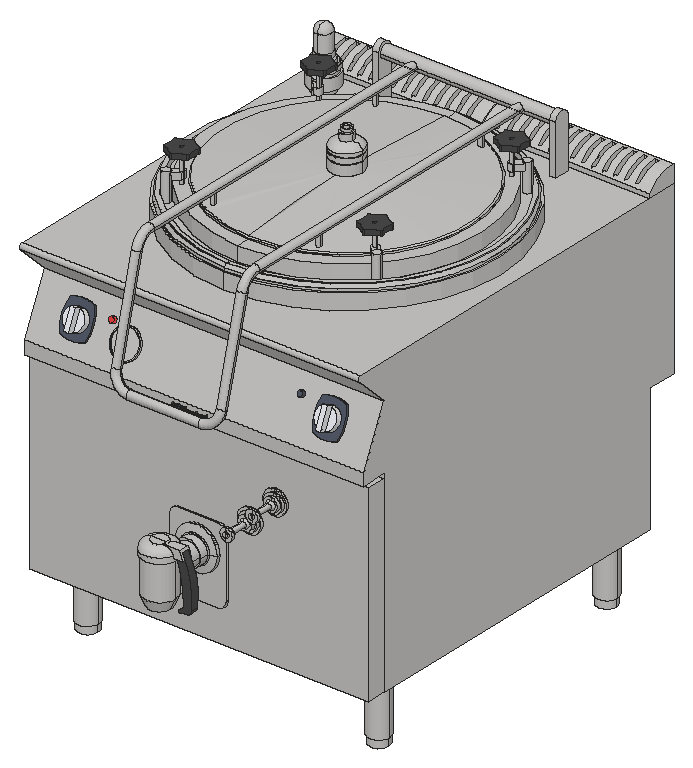
Revit family "QF_ELECTROLUXPROFESSIONAL_391122_E9BSEHIRFC", category Specialty Equipment, Revit 2018 (continued)
Automatic sketch dimensions
  plane 5 "FRONT" to curve 265 = 0 mm
  curve 268 to plane 8 "Center X" = 0 mm
  curve 258 to plane 7 "Center Y" = 0 mm
  curve 164 to plane 7 "Center Y" = 0 mm
  plane 5 "FRONT" to curve 266 = 0 mm
  curve 226 to plane 19 = 0 mm
  curve 180 to plane 19 = 0 mm
  curve 266 to plane 4 "RIGHT" = 0 mm
  plane 5 "FRONT" to curve 1 = 0 mm
  plane 10 to curve 165 = 0 mm
  plane 1 "BACK" to curve 6 = 0 mm
  curve 3 to plane 3 "LEFT" = 50 mm
  plane 1 "BACK" to curve 14 = 6.761 mm
  plane 17 to curve 14 = 17.297 mm
  plane 17 to curve 16 = 8.001 mm
  plane 13 to curve 20 = 0.809 mm
  curve 20 to plane 13 = 8.487 mm
  curve 130 to plane 13 = 19 mm
  curve 206 to plane 13 = 22.767 mm
  curve 185 to plane 13 = 22.767 mm
  curve 18 to curve 24 = 16.193 mm
  curve 22 to curve 22 = 9.296 mm
  plane 1 "BACK" to curve 29 = 6.761 mm
  curve 22 to curve 29 = 16.193 mm
  curve 28 to curve 28 = 9.296 mm
  plane 18 to curve 187 = 25.788 mm
  plane 18 to curve 183 = 25.788 mm
  plane 18 to curve 208 = 25.788 mm
  plane 18 to curve 204 = 25.788 mm
  plane 1 "BACK" to curve 31 = 6.761 mm
  curve 27 to curve 31 = 16.193 mm
  plane 18 to curve 264 = 8.023 mm  (x2)
  curve 30 to curve 33 = 9.296 mm
  curve 206 to curve 264 = 0.91 mm
  curve 210 to curve 210 = 9.5 mm
  curve 185 to curve 264 = 0.91 mm
  curve 184 to curve 185 = 0 mm
  curve 211 to curve 206 = 0.567 mm
  curve 205 to curve 206 = 0 mm
  plane 18 to curve 186 = 8.933 mm
  curve 206 to curve 207 = 0 mm
  curve 185 to curve 186 = 0 mm
  curve 205 to curve 211 = 0.155 mm
  curve 185 to curve 195 = 0.261 mm
  curve 195 to curve 187 = 1.788 mm
  curve 206 to curve 208 = 2.05 mm
  curve 184 to curve 183 = 2.05 mm
  curve 186 to curve 187 = 0 mm
  curve 207 to curve 208 = 0 mm
  curve 184 to curve 183 = 0 mm
  curve 211 to curve 204 = 1.895 mm
  curve 205 to curve 204 = 0 mm
  curve 207 to curve 207 = 0.873 mm
  curve 185 to curve 184 = 2.922 mm
  curve 204 to curve 205 = 0.873 mm
  curve 185 to curve 186 = 2.922 mm
  curve 36 to plane 18 = 6.135 mm
  curve 210 to plane 18 = 8.171 mm
  curve 195 to plane 18 = 8.37 mm
  curve 34 to curve 34 = 9.296 mm
  curve 263 to plane 18 = 16.396 mm  (x2)
  curve 197 to plane 18 = 16.667 mm
  curve 194 to plane 18 = 16.667 mm
  curve 263 to curve 182 = 2.209 mm
  curve 183 to curve 182 = 0 mm
  curve 263 to curve 208 = 2.209 mm
  curve 209 to curve 208 = 0 mm
  curve 210 to curve 204 = 10.466 mm
  curve 195 to curve 188 = 10.267 mm
  curve 187 to curve 188 = 0 mm
  curve 203 to curve 204 = 0 mm
  curve 196 to curve 196 = 4 mm
  curve 188 to curve 188 = 2.031 mm
  curve 182 to curve 182 = 2.063 mm
  curve 209 to curve 209 = 2.063 mm
  curve 193 to curve 194 = 4 mm
  curve 204 to curve 203 = 2.031 mm
  curve 203 to curve 202 = 2.031 mm
  curve 188 to curve 189 = 2.031 mm
  curve 188 to curve 189 = 0 mm
  curve 203 to curve 202 = 0 mm
  curve 209 to curve 198 = 2.063 mm
  curve 209 to curve 198 = 0 mm
  curve 182 to curve 181 = 2.063 mm
  curve 182 to curve 181 = 0 mm
  curve 188 to curve 248 = 4.166 mm
  curve 202 to curve 258 = 4.166 mm
  plane 1 "BACK" to curve 39 = 6.761 mm
  curve 35 to curve 39 = 16.193 mm
  curve 39 to curve 148 = 0.877 mm
  curve 38 to curve 38 = 9.296 mm
  curve 148 to curve 150 = 14.583 mm
  curve 197 to curve 199 = 22.678 mm
  curve 248 to curve 190 = 20.482 mm
  curve 258 to curve 201 = 20.482 mm
  curve 193 to curve 192 = 22.678 mm
  curve 201 to curve 201 = 0.873 mm
  curve 192 to curve 192 = 0.873 mm
  curve 199 to curve 198 = 0.873 mm
  curve 190 to curve 189 = 0.873 mm
  curve 199 to curve 198 = 0 mm
  curve 181 to curve 192 = 0 mm
  curve 190 to curve 189 = 0 mm
  curve 202 to curve 201 = 0 mm
  curve 190 to curve 247 = 1.514 mm
  curve 201 to curve 257 = 1.514 mm
  curve 192 to curve 192 = 2.922 mm
  curve 201 to curve 200 = 2.922 mm
  curve 201 to curve 200 = 0 mm
  curve 199 to curve 199 = 2.922 mm
  curve 190 to curve 190 = 2.922 mm
  curve 191 to curve 190 = 0 mm
  curve 191 to curve 192 = 0 mm
  curve 200 to curve 199 = 0 mm
  plane 1 "BACK" to curve 45 = 6.761 mm
  curve 38 to curve 45 = 16.193 mm
  curve 44 to curve 43 = 9.296 mm
  curve 181 to curve 181 = 18.905 mm
  curve 202 to plane 20 = 55.467 mm
  curve 199 to curve 198 = 18.905 mm
  plane 1 "BACK" to curve 47 = 6.761 mm
  curve 43 to curve 47 = 16.193 mm
  curve 46 to curve 49 = 9.296 mm
  curve 48 to curve 50 = 16.193 mm
  plane 12 to curve 250 = 7.418 mm
  curve 52 to curve 51 = 9.296 mm
  curve 159 to plane 10 = 13.503 mm
  curve 159 to curve 159 = 11.018 mm
  curve 160 to curve 159 = 0 mm
  curve 159 to curve 159 = 5.889 mm
  curve 159 to curve 153 = 2.094 mm
  curve 50 to curve 56 = 16.193 mm
  curve 54 to curve 57 = 9.296 mm
  curve 153 to curve 237 = 15.065 mm
  plane 1 "BACK" to curve 60 = 6.761 mm
  curve 54 to curve 60 = 16.193 mm
  curve 160 to plane 5 "FRONT" = 18.895 mm
  curve 153 to curve 157 = 30.659 mm
  curve 160 to plane 10 = 7.425 mm
  curve 60 to curve 59 = 9.296 mm
  plane 1 "BACK" to curve 62 = 6.761 mm
  curve 59 to curve 62 = 16.193 mm
  curve 62 to curve 62 = 9.296 mm
  plane 20 to curve 238 = 11.894 mm
  curve 237 to curve 238 = 46.018 mm
  curve 164 to plane 7 "Center Y" = 40.433 mm
  plane 1 "BACK" to curve 68 = 6.761 mm
  curve 62 to curve 68 = 16.193 mm
  curve 268 to plane 7 "Center Y" = 36.874 mm
  curve 11 to plane 7 "Center Y" = 31.52 mm
  curve 164 to curve 165 = 8.979 mm
  curve 68 to curve 68 = 9.296 mm
  curve 165 to curve 12 = 4.144 mm
  curve 270 to plane 7 "Center Y" = 11.853 mm
  curve 269 to curve 271 = 5 mm
  plane 7 "Center Y" to curve 135 = 15.663 mm
  plane 5 "FRONT" to curve 13 = 4.772 mm
  plane 7 "Center Y" to curve 13 = 27.31 mm
  plane 1 "BACK" to curve 123 = 6.761 mm
  plane 7 "Center Y" to curve 123 = 29.653 mm
  curve 13 to curve 9 = 4.21 mm
  curve 123 to curve 125 = 9.296 mm
  plane 10 to curve 164 = 10.975 mm
  curve 122 to curve 235 = 15.384 mm
  plane 1 "BACK" to curve 121 = 6.761 mm
  curve 124 to curve 121 = 16.193 mm
  curve 164 to curve 139 = 17.124 mm
  curve 139 to curve 138 = 3.801 mm
  curve 138 to curve 141 = 3.334 mm
  curve 118 to curve 119 = 9.296 mm
  plane 1 "BACK" to curve 115 = 6.761 mm
  curve 118 to curve 115 = 16.193 mm
  plane 10 to curve 137 = 7.936 mm
  curve 141 to curve 137 = 18.744 mm
  curve 140 to curve 156 = 2.138 mm
  curve 157 to curve 156 = 0 mm
  curve 161 to curve 163 = 4.31 mm
  curve 115 to curve 117 = 9.296 mm
  curve 235 to curve 236 = 46.018 mm
  plane 1 "BACK" to curve 110 = 6.761 mm
  curve 116 to curve 110 = 16.193 mm
  curve 161 to curve 303 = 22.089 mm
  curve 303 to curve 305 = 3.253 mm
  curve 112 to curve 112 = 9.296 mm
  curve 161 to curve 162 = 2.094 mm
  curve 163 to plane 10 = 13.503 mm
  curve 162 to curve 163 = 5.889 mm
  curve 162 to curve 163 = 0 mm
  plane 1 "BACK" to curve 107 = 6.761 mm
  curve 110 to curve 107 = 16.193 mm
  curve 242 to curve 214 = 0.996 mm
  curve 261 to curve 168 = 0.996 mm
  curve 107 to curve 109 = 9.296 mm
  plane 1 "BACK" to curve 102 = 6.761 mm
  curve 108 to curve 102 = 16.193 mm
  curve 102 to curve 103 = 9.296 mm
  curve 304 to curve 292 = 31.296 mm
  curve 292 to curve 296 = 3.253 mm
  curve 296 to curve 302 = 5.44 mm
  curve 297 to curve 298 = 5.44 mm
  curve 262 to curve 170 = 47.451 mm
  curve 216 to plane 19 = 67.123 mm
  curve 243 to curve 212 = 47.451 mm
  curve 166 to plane 19 = 67.123 mm
  plane 1 "BACK" to curve 100 = 6.761 mm
  curve 102 to curve 100 = 16.193 mm
  curve 298 to curve 300 = 11.423 mm
  curve 302 to curve 301 = 11.423 mm
  curve 98 to curve 98 = 9.296 mm
  curve 301 to curve 295 = 5.44 mm
  curve 295 to curve 291 = 3.253 mm
  curve 168 to plane 19 = 50.268 mm
  curve 215 to plane 19 = 50.268 mm
  curve 214 to curve 215 = 0 mm  (x2)
  curve 169 to curve 168 = 0 mm
  curve 168 to curve 168 = 0 mm
  curve 167 to curve 168 = 0 mm
  curve 213 to curve 214 = 0 mm
  curve 214 to curve 242 = 1.408 mm
  curve 168 to curve 261 = 1.408 mm
  curve 213 to curve 213 = 2.05 mm
  curve 168 to curve 166 = 2.05 mm
  curve 214 to curve 216 = 2.05 mm
  curve 169 to curve 169 = 2.05 mm
  curve 215 to curve 216 = 0 mm
  curve 212 to curve 213 = 0 mm
  curve 170 to curve 169 = 0 mm
  curve 167 to curve 166 = 0 mm
  curve 215 to curve 215 = 0.873 mm
  curve 168 to curve 169 = 2.922 mm
  curve 168 to curve 167 = 2.922 mm
  curve 212 to curve 213 = 0.873 mm
  curve 98 to curve 142 = 10.028 mm
  curve 98 to curve 96 = 16.193 mm
  curve 144 to curve 143 = 14.583 mm
  curve 94 to curve 94 = 9.296 mm
  curve 169 to curve 262 = 21.354 mm
  curve 213 to curve 243 = 21.354 mm
  curve 179 to plane 19 = 24.667 mm
  curve 225 to plane 19 = 24.667 mm
  curve 216 to plane 19 = 22.73 mm
  curve 217 to curve 216 = 0 mm
  curve 166 to plane 19 = 22.73 mm
  curve 177 to curve 166 = 0 mm
  curve 243 to curve 223 = 4.166 mm
  curve 262 to curve 170 = 4.166 mm
  curve 171 to curve 170 = 0 mm
  curve 212 to curve 223 = 0 mm
  curve 224 to curve 224 = 4 mm
  curve 171 to curve 171 = 2.031 mm  (x2)
  curve 178 to curve 179 = 4 mm
  curve 217 to curve 217 = 2.063 mm
  curve 177 to curve 177 = 2.063 mm  (x2)
  curve 212 to curve 223 = 2.031 mm
  curve 172 to curve 171 = 0 mm
  curve 223 to curve 223 = 2.031 mm
  curve 222 to curve 223 = 0 mm
  curve 217 to curve 218 = 2.063 mm
  curve 217 to curve 218 = 0 mm
  curve 176 to curve 177 = 0 mm
  curve 176 to curve 259 = 2.209 mm
  curve 218 to curve 259 = 2.209 mm
  plane 1 "BACK" to curve 91 = 6.761 mm
  curve 91 to plane 19 = 15.43 mm
  curve 180 to plane 19 = 8.37 mm
  curve 226 to plane 19 = 8.171 mm
  curve 93 to plane 19 = 6.135 mm
  plane 19 to curve 219 = 6.011 mm
  plane 19 to curve 175 = 6.011 mm
  plane 19 to curve 221 = 6.011 mm
  plane 19 to curve 173 = 6.011 mm
  curve 175 to curve 175 = 0.873 mm
  curve 221 to curve 222 = 0.873 mm
  curve 219 to curve 219 = 0.873 mm
  curve 173 to curve 172 = 0.873 mm
  curve 176 to curve 175 = 0 mm
  curve 173 to curve 172 = 0 mm
  curve 218 to curve 219 = 0 mm
  curve 221 to curve 222 = 0 mm
  curve 175 to curve 260 = 2.012 mm
  curve 219 to curve 260 = 2.012 mm
  curve 173 to curve 180 = 1.788 mm
  curve 221 to curve 226 = 1.895 mm
  curve 219 to curve 219 = 2.922 mm
  curve 220 to curve 219 = 0 mm
  curve 226 to curve 220 = 0.155 mm
  curve 180 to curve 173 = 0.261 mm
  curve 221 to curve 220 = 0 mm
  curve 174 to curve 173 = 0 mm
  curve 175 to curve 175 = 2.922 mm
  curve 174 to curve 175 = 0 mm
  plane 19 to curve 89 = 10.058 mm
  curve 88 to curve 87 = 9.296 mm
  plane 19 to curve 218 = 25.788 mm
  plane 19 to curve 176 = 25.788 mm
  plane 1 "BACK" to curve 84 = 6.761 mm
  curve 86 to curve 84 = 16.193 mm
  curve 83 to curve 85 = 9.296 mm
  plane 1 "BACK" to curve 78 = 6.761 mm
  curve 84 to curve 78 = 16.193 mm
  curve 80 to curve 80 = 9.296 mm
  curve 76 to plane 16 = 6.513 mm
  plane 14 to curve 77 = 0.809 mm
  plane 1 "BACK" to curve 70 = 6.761 mm
  curve 70 to plane 15 = 15.001 mm
  curve 70 to curve 71 = 9.296 mm
  plane 4 "RIGHT" to curve 1 = 50 mm
  curve 156 to curve 157 = 19.044 mm
  curve 159 to curve 158 = 1.575 mm
  curve 162 to curve 161 = 1.575 mm
  curve 299 to plane 10 = 42 mm
  curve 299 to curve 291 = 2.482 mm
  curve 155 to curve 303 = 13.557 mm
  curve 291 to curve 295 = 5 mm
  curve 304 to curve 304 = 5 mm
  curve 295 to curve 296 = 5 mm
  curve 305 to curve 305 = 5 mm
  curve 227 to plane 12 = 29 mm
  curve 227 to curve 228 = 9.913 mm
  curve 228 to curve 254 = 8.924 mm
  curve 251 to plane 12 = 3.273 mm
  curve 246 to plane 12 = 3.273 mm
  plane 12 to curve 245 = 7.418 mm
  plane 12 to curve 230 = 14.168 mm
  curve 245 to curve 244 = 9.667 mm
  curve 250 to curve 249 = 9.667 mm
  curve 255 to curve 262 = 8.036 mm
  curve 230 to curve 248 = 8.036 mm
  curve 230 to curve 231 = 32.108 mm
  curve 172 to curve 262 = 51.031 mm
  curve 180 to curve 179 = 25.162 mm
  curve 247 to curve 193 = 6.038 mm
  curve 264 to curve 184 = 4.689 mm
  curve 224 to curve 226 = 25.04 mm
  curve 196 to curve 210 = 25.04 mm
  curve 242 to curve 232 = 9.125 mm
  curve 258 to curve 240 = 8.036 mm
  curve 127 to curve 127 = 35 mm
  curve 127 to curve 129 = 5 mm
  curve 129 to curve 134 = 5 mm
  curve 133 to curve 131 = 6.817 mm
  curve 234 to curve 235 = 9.454 mm
  plane 20 to curve 149 = 9.5 mm
  curve 145 to curve 146 = 2.379 mm
  curve 146 to curve 147 = 30 mm
  curve 147 to curve 149 = 2.394 mm
  curve 147 to curve 142 = 2.394 mm
  plane 20 to curve 8 = 57.15 mm
  curve 148 to curve 40 = 17.828 mm
  curve 40 to curve 42 = 0 mm
  curve 154 to curve 107 = 50.222 mm
  curve 37 to curve 39 = 0 mm
  curve 127 to curve 26 = 27.115 mm
  curve 152 to curve 50 = 50.222 mm
  curve 33 to curve 34 = 0 mm
  curve 106 to curve 105 = 0 mm
  curve 42 to curve 47 = 0 mm
  curve 142 to curve 101 = 17.828 mm
  curve 98 to curve 97 = 0 mm
  curve 238 to curve 69 = 50.222 mm
  curve 95 to curve 93 = 0 mm
  curve 50 to curve 55 = 0 mm
  curve 90 to curve 89 = 0 mm
  curve 235 to curve 125 = 50.222 mm
  curve 122 to curve 121 = 0 mm
  curve 25 to curve 26 = 0 mm
  curve 21 to curve 23 = 0 mm
  curve 119 to curve 117 = 0 mm
  curve 65 to curve 66 = 0 mm
  curve 114 to curve 113 = 0 mm
  curve 17 to curve 18 = 0 mm
  curve 58 to curve 63 = 0 mm
  curve 87 to curve 85 = 0.974 mm
  curve 82 to curve 81 = 0 mm
  curve 79 to curve 77 = 0 mm
  curve 74 to curve 71 = 0 mm
  plane 1 "BACK" to curve 75 = 6.761 mm
  plane 1 "BACK" to curve 57 = 6.761 mm
  plane 1 "BACK" to curve 86 = 6.761 mm
  plane 1 "BACK" to curve 53 = 6.761 mm
  plane 1 "BACK" to curve 94 = 6.761 mm
  plane 1 "BACK" to curve 35 = 6.761 mm
  plane 1 "BACK" to curve 25 = 6.761 mm
  plane 1 "BACK" to curve 21 = 6.761 mm
  curve 2 to plane 1 "BACK" = 50 mm
  Extrusion 21 sketch curve to Extrusion 5 = 46 mm  (x2)
  plane 5 "FRONT" to Extrusion 22 sketch curve = 0 mm  (x2)
  Extrusion 22 sketch curve to plane 3 "LEFT" = 0 mm
  plane 1 "BACK" to Extrusion 22 sketch curve = 0 mm
  Extrusion 22 sketch curve to plane 4 "RIGHT" = 0 mm
  Extrusion 22 sketch curve to plane 3 "LEFT" = 50 mm
  plane 4 "RIGHT" to Extrusion 22 sketch curve = 50 mm
  Extrusion 22 sketch curve to plane 1 "BACK" = 50 mm
  Extrusion 36 sketch curve to Extrusion 5 = 54 mm
  Extrusion 43 sketch curve to Extrusion 5 = 400 mm
  curve 303 to curve 308 = 5 mm
  curve 306 to curve 309 = 0 mm
  curve 161 to curve 157 = 0 mm
  curve 305 to curve 308 = 5.318 mm
  curve 307 to curve 307 = 1.238 mm
  curve 200 to curve 257 = 0.996 mm
  radius of Extrusion 9 sketch curve = 25.4 mm  (x2)
  radius of Extrusion 10 sketch curve to Extrusion 9 = 0 mm  (x4)
  radius of Extrusion 11 sketch curve = 6.35 mm
  radius of Extrusion 12 sketch curve = 6.35 mm
  radius of Extrusion 19 sketch curve = 5 mm  (x4)
  radius of Extrusion 24 sketch curve = 15 mm
  radius of Extrusion 26 sketch curve = 35 mm
  radius of Extrusion 27 sketch curve to Extrusion 26 = 2 mm
  radius of Split face 1 sketch curve to Extrusion 27 = 30.65 mm  (x2)
  radius of Extrusion 29 sketch curve = 9.5 mm  (x4)
  radius of Extrusion 31 sketch curve = 4 mm  (x4)
  radius of Sweep 41 sketch curve = 9.5 mm
  radius of Extrusion 39 sketch curve = 5 mm  (x4)
  radius of Sweep 42 sketch curve = 9.5 mm
  radius of Extrusion 20 sketch curve = 6.35 mm
  radius of Extrusion 21 sketch curve = 9.5 mm  (x2)
  radius of Extrusion 36 sketch curve = 4 mm
  radius of Extrusion 43 sketch curve = 25.4 mm
Connectors
  piping at (46, -660, 137), diameter 19
    settings: on Extrusion 21, index 3, connector inside diameter 0.74803", connector length 0 mm, flow factor 0, pipe flow 0 GPM, pressure drop 0.00 psi, fitting loss kfactor 0, connector angle 0.00°, fixture units 0, engagement length 0 mm, angle of deflection 0.00°, flow configuration 1, flow direction 1, fitting loss method 0, system type 19, joint type 0, gender type 0, connector reference index -1, connector utility 0, adjustable connector no, is connector primary yes, connector description "HOT WATER INLET"
  piping at (46, -731, 137), diameter 19
    settings: on Extrusion 21, index 4, connector inside diameter 0.74803", connector length 0 mm, flow factor 0, pipe flow 0 GPM, pressure drop 0.00 psi, fitting loss kfactor 0, connector angle 0.00°, fixture units 0, engagement length 0 mm, angle of deflection 0.00°, flow configuration 1, flow direction 1, fitting loss method 0, system type 20, joint type 0, gender type 0, connector reference index -1, connector utility 0, adjustable connector no, is connector primary no, connector description "COLD WATER INLET"
  electrical at (746, -655, 137), driven by "Volts", driven by "Watts"
    settings: on Extrusion 20, index 5, voltage 400 V, apparent load 0 VA, apparent load phase1 0 VA, apparent load phase2 0 VA, apparent load phase3 0 VA, power factor 1, load classification "Other", number of poles 1, system type 30, power factor state 1, is connector primary yes, connector utility no, sub classification motor no, connector description "ELECTRICAL CONNECTION"
  piping at (400, -465, 140), diameter 25.4
    settings: on Extrusion 43, index 6, connector inside diameter 1", connector length 0 mm, flow factor 0, pipe flow 0 GPM, pressure drop 0.00 psi, fitting loss kfactor 0, connector angle 0.00°, fixture units 0, engagement length 0 mm, angle of deflection 0.00°, flow configuration 1, flow direction 2, fitting loss method 0, system type 16, joint type 0, gender type 0, connector reference index -1, connector utility 0, adjustable connector no, is connector primary no, connector description "DRAIN"
